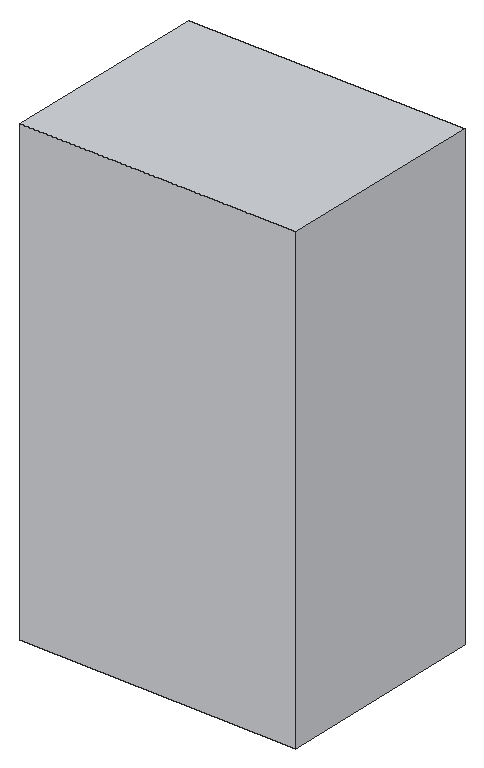
Revit family
Parameters
  Warranty Duration (Years) = 0
  Unit Width [instance] = 0' - 8"
  Unit Height [instance] = 0' - 9 99/256"
  Unit Depth = 0' - 0"
  URL = "http://www.americanspecialties.com/viewCategories.cfm"
  Trim Material = Leather 2
  Test Data = ""
  Specification = "http://www.arcat.com/sdspecs/htm/10810asi.htm"
  SpecWizard = ""
  Send Message = "http://www.arcat.com/users.pl?action=UserEmail&company=American%20Specialties,%20Inc.&coid=30448&rep=139&fax=914-476-0688&mf="
  Sales Information = "http://www.americanspecialties.com/contact"
  Revision = "R1_10-2010"
  Rod [instance] = 1' - 1 3/4"
  Product Properties = "http://www.americanspecialties.com/datasheets/8204.pdf"
  Product Data = "http://www.arcat.com/arcatcos/cos30/arc30448.html"
  Model = "As Specified in 10 28 13"
  Manufacturer Website = "http://www.americanspecialties.com/viewCategories.cfm"
  Manufacturer Phone - Toll Free = ""
  Manufacturer Phone = "914-476-9000 "
  Manufacturer Fax = "914-476-0688"
  Manufacturer Address = "441 Saw Mill River Rd., Yonkers, NY 10701"
  Manufacturer = "American Specialties, Inc."
  Maintenance Schedule (Months) = 0
  Keynote = "10 28 13"
  Installation-Fabrication = "http://www.americanspecialties.com/products.cfm"
  Green Building-LEED = ""
  Expected Lifespan (Years) = 0
  Drawn By = "Robert S. Weygant. CSI, CDT, SCIP"  # constant formula
  Description = "Toilet Accessory as Specified in 10 28 13"
  Default Elevation = 4' - 0"
  Copyright = "©Arcat Inc."
  Construction Details = "http://www.arcat.com/green/clients/leed_data_30448.html"
  Building Codes = "http://www.americanspecialties.com/products.cfm"
  Body Material = Metal - Stainless Steel
  Assembly Code = "C1030210"
Reference planes (in)
  plane 1 "Center (Front/Back)": y = -0.29112
  plane 2 "Floor Line": z = 0
  plane 3 "Center (Left/Right)": x = -0.65843
  plane 4: z = 52.69336
  plane 5: x = -4.65843
  plane 6: x = 3.34157
  plane 7: z = 48
  plane 8: z = 57.38672
Forms (in)
  Extrusion 1, solid
    sketch origin (-3, -9, -6) x (0, 0, -1) y (1, 0, 0)
      loop
        line (-82, 26) -> (-82, -19.34712) -> (-6, -19.34712) -> (-6, 26) -> (-82, 26)
    from 9 to -25.60721
  Sweep 2, solid, material "Metal - Stainless Steel" <- "Body Material"
    path origin (-5.64758, -3.1206, 4.13023) x (1, 0, 0) y (0, -0.5, -0.866025)
      loop
        line (0.98915, 0) -> (0.98915, 2.57066)
        arc (0.98915, 2.57066) -> (1.40779, 3.58136) -> (2.41849, 4) r 1.42934
        line (2.41849, 4) -> (7.79761, 4)
        arc (7.79761, 4) -> (8.64016, 3.651) -> (8.98915, 2.80846) r 1.19154
        line (8.98915, 2.80846) -> (8.98915, 0)
    profile origin (-4.65843, -3.76327, 3.0171) x (-1, 0, 0) y (0, 0.866025, -0.5)
      loop
        circle (0, 0) r 0.5
  Sweep 3, solid, material "Metal - Stainless Steel" <- "Body Material"
    path origin (-0.65843, -5.12677, 4.66778) x (0, 0, -1) y (0, 1, 0)
      loop
        line (0.53755, 2.00616) -> (-3.33278, 4.24069)
        arc (-3.33278, 4.24069) -> (-4.14475, 4.82505) -> (-4.82414, 5.55934) r 5
        line (-4.82414, 5.55934) -> (-9.59645, 11.88449)
    profile origin (-0.65843, -2.00334, 6.06539) x (0, -0.866025, 0.5) y (1, 0, 0)
      loop
        circle (0, 4) r 0.5
  Extrusion 4, solid, material "Metal - Stainless Steel" <- "Body Material"
    sketch origin (-20.53159, -4.95761, 5.50069) x (0, 0, -1) y (0, 1, 0)
      loop
        circle (-8.74931, 11.69648) r 0.5
    from 26.74816 to 12.99816
  Extrusion 5, solid, material "Metal - Stainless Steel" <- "Body Material"
    sketch origin (5.87175, -5.36114, 5.68346) x (1, 0, 0) y (0, 0, -1)
      loop
        line (-14.65518, 3.49596) -> (-14.65518, -9.50404) -> (-13.40518, -9.50404) -> (-13.40518, 3.49596) -> (-14.65518, 3.49596)
    from 11.3463 to 12.6
  Extrusion 6, solid, material "Metal - Stainless Steel" <- "Body Material"
    sketch origin (-7.18862, -5.36114, 5.68346) x (-1, 0, 0) y (0, 0, 1)
      loop
        line (-14.65518, -3.49596) -> (-13.40518, -3.49596) -> (-13.40518, 9.50404) -> (-14.65518, 9.50404) -> (-14.65518, -3.49596)
    from 11.3463 to 12.6
  Extrusion 7, solid, material "Metal - Stainless Steel" <- "Body Material"
    sketch origin (-2.15843, 10.13464, -5.81661) x (0, 1, 0) y (0, 0, 1)
      loop
        line (-8.53943, 7.19161) -> (-15.41443, 7.19161)
        arc (-15.41443, 7.19161) -> (-15.76799, 7.04516) -> (-15.91443, 6.69161) r 0.5
        line (-15.91443, 6.69161) -> (-15.91443, 6.06661) -> (-16.41443, 6.06661) -> (-16.41443, 5.94161) -> (-15.78943, 5.94161) -> (-15.78943, 6.69161)
        arc (-15.78943, 6.69161) -> (-15.6796, 6.95677) -> (-15.41443, 7.06661) r 0.375
        line (-15.41443, 7.06661) -> (-8.53943, 7.06661)
        arc (-8.53943, 7.06661) -> (-8.27427, 6.95677) -> (-8.16443, 6.69161) r 0.375
        line (-8.16443, 6.69161) -> (-8.16443, 5.94161) -> (-7.53943, 5.94161) -> (-7.53943, 6.06661) -> (-8.03943, 6.06661) -> (-8.03943, 6.69161)
        arc (-8.03943, 6.69161) -> (-8.18588, 7.04516) -> (-8.53943, 7.19161) r 0.5
    from 0 to 3
  Extrusion 8, solid, material "Metal - Stainless Steel" <- "Body Material"
    sketch origin (-0.65843, 0, -0.06661) x (0, 1, 0) y (0, 0, 1)
      loop
        line (2.59521, 0.19161) -> (-6.27979, 0.19161) -> (-6.27979, 0.06661) -> (2.59521, 0.06661) -> (2.59521, 0.19161)
    from -1.5 to 1.5
  Extrusion 9, solid, material "Metal - Stainless Steel" <- "Body Material"
    sketch origin (-20.53159, -4.95761, 11.8765) x (0, 0, 1) y (0, -1, 0)
      loop
        circle (-8.74931, -11.69648) r 0.5
    from 26.74816 to 12.99816
  Sweep 10, solid, material "Metal - Stainless Steel" <- "Body Material"
    path origin (-0.65843, -5.12677, 4.66778) x (0, 0, -1) y (0, -1, 0)
      loop
        line (0.53755, -2.00616) -> (-3.33278, -4.24069)
        arc (-3.33278, -4.24069) -> (-4.14475, -4.82505) -> (-4.82414, -5.55934) r 5
        line (-4.82414, -5.55934) -> (-9.59645, -11.88449)
    profile origin (-0.65843, -2.00334, 6.06539) x (0, 0.866025, -0.5) y (-1, 0, 0)
      loop
        circle (0, 4) r 0.5
  Sweep 11, solid, material "Metal - Stainless Steel" <- "Body Material"
    path origin (-0.47093, -0.20055, 0) x (0, 1, 0) y (0, 0, -1)
      loop
        line (6.93958, -3.12719) -> (4.53957, -3.12719)
        arc (4.53957, -3.12719) -> (3.83246, -2.8343) -> (3.53957, -2.12719) r 1
        line (3.53957, -2.12719) -> (3.53957, -0.125)
    profile origin (-0.47093, 5.53903, 3.12719) x (0, 0, 1) y (-1, 0, 0)
      loop
        circle (0, -5.9375) r 0.5
  Extrusion 12, solid, material "Metal - Stainless Steel" <- "Body Material"
    sketch origin (-1.17184, -0.29667, 0) x (-1, 0, 0) y (0, -1, 0)
      loop
        circle (-6.63841, -3.66053) r 1.13038
      loop
        circle (-6.63636, -2.77254) r 0.125
      loop
        circle (-5.87041, -4.1063) r 0.125
      loop
        circle (-7.40641, -4.1063) r 0.125
    from 0 to 0.125
  Extrusion 13, solid, material "Leather 2" <- "Trim Material"
    sketch origin (-41.85113, 7.55136, -9.00308) x (1, 0, 0) y (0, 0, 1)
      loop
        arc (34.19269, 25.00308) -> (32.77848, 24.4173) -> (32.19269, 23.00308) r 2
        line (32.19269, 23.00308) -> (32.19269, 12.37808)
        arc (32.19269, 12.37808) -> (32.77848, 10.96387) -> (34.19269, 10.37808) r 2
        line (34.19269, 10.37808) -> (48.19269, 10.37808)
        arc (48.19269, 10.37808) -> (49.60691, 10.96387) -> (50.19269, 12.37808) r 2
        line (50.19269, 12.37808) -> (50.19269, 23.00308)
        arc (50.19269, 23.00308) -> (49.60691, 24.4173) -> (48.19269, 25.00308) r 2
        line (48.19269, 25.00308) -> (34.19269, 25.00308)
    from 0 to 0.3125
  Extrusion 14, solid, material "Metal - Stainless Steel" <- "Body Material"
    sketch origin (-0.14503, -0.29667, 0) x (1, 0, 0) y (0, 1, 0)
      loop
        circle (-6.63841, 3.66053) r 1.13038
      loop
        circle (-6.63636, 2.77254) r 0.125
      loop
        circle (-5.87041, 4.1063) r 0.125
      loop
        circle (-7.40641, 4.1063) r 0.125
    from 0 to 0.125
  Sweep 15, solid, material "Metal - Stainless Steel" <- "Body Material"
    path origin (-12.72093, -0.20055, 0) x (0, 1, 0) y (0, 0, -1)
      loop
        line (6.93958, -3.12719) -> (4.53957, -3.12719)
        arc (4.53957, -3.12719) -> (3.83246, -2.8343) -> (3.53957, -2.12719) r 1
        line (3.53957, -2.12719) -> (3.53957, -0.125)
    profile origin (-12.72093, 5.53903, 3.12719) x (0, 0, 1) y (-1, 0, 0)
      loop
        circle (0, -5.9375) r 0.5
Cuts and joins
  joined: Sweep 2, Sweep 3, Sweep 10
  joined: Extrusion 9, Sweep 11, Sweep 15
Dimensions and locks (in)
  equal spacing: plane 8, plane 4, plane 7
  equal spacing: plane 6, plane 3 "Center (Left/Right)", plane 5
  "Unit Width": plane 6 to plane 5
  "Unit Height": plane 8 to plane 7
  "Default Elevation": plane 7 to plane 2 "Floor Line"
  Sweep 2 sketch curve to Sweep 2 sketch curve = 0' - 8"
  "Unit Width": Sweep 2 sketch curve to Sweep 2 sketch curve
  Extrusion 4 to plane 3 "Center (Left/Right)" to Extrusion 4 = 0' - 6 7/8", 0' - 6 7/8"
  equal spacing: Extrusion 4, plane 3 "Center (Left/Right)", Extrusion 4
  Extrusion 7 sketch curve to Extrusion 7 sketch curve = 0' - 1 1/8"
  Extrusion 7 sketch curve to Extrusion 7 sketch curve = 0' - 0 1/8"
  Extrusion 9 to Extrusion 9 = 1' - 1 3/4"
  locked: Extrusion 13 sketch curve to Extrusion 13 sketch curve at 14.625
  locked: Extrusion 13 sketch curve to Extrusion 13 sketch curve at 18
  radius of Sweep 2 sketch curve = 0' - 1.42934"
  radius of Sweep 2 sketch curve = 0' - 1.19154"
  aligned and locked: Extrusion 1 to level
  aligned and locked: plane 5 to Sweep 2 sketch curve
  aligned and locked: Sweep 3 to plane 6
  aligned and locked: Extrusion 8 to Extrusion 7
  aligned and locked: Extrusion 7 sketch curve to Extrusion 8
Automatic sketch dimensions
  Extrusion 1 sketch curve to Extrusion 1 sketch curve = 6' - 4"
  Extrusion 1 sketch curve to Extrusion 1 sketch curve = 3' - 9.34712"
  Sweep 2 sketch curve to Sweep 2 sketch curve = 0' - 0"
  Sweep 2 sketch curve to Sweep 2 sketch curve = 0' - 2.57066"
  Sweep 2 sketch curve to profile plane = 0' - 0"  (x2)
  Sweep 3 sketch curve to plane 1 "Center (Front/Back)" = 0' - 7.04884"
  level to Sweep 3 sketch curve = 1' - 2.26423"
  Sweep 3 sketch curve to plane 1 "Center (Front/Back)" = 0' - 0.7237"
  Sweep 3 sketch curve to Sweep 3 sketch curve = 0' - 4.77231"
  plane 1 "Center (Front/Back)" to Sweep 3 sketch curve = 0' - 0.59495"
  Sweep 3 sketch curve to Sweep 3 sketch curve = 0' - 1.49137"
  Sweep 3 sketch curve to plane 1 "Center (Front/Back)" = 0' - 3.73517"
  level to Sweep 3 sketch curve = 0' - 4.13023"
  plane 1 "Center (Front/Back)" to Sweep 3 sketch curve = 0' - 2.82949"
  Sweep 3 sketch curve to profile plane = 0' - 0"
  profile plane to Sweep 3 sketch curve = 0' - 4"
  Extrusion 4 sketch curve to plane 1 "Center (Front/Back)" = 0' - 7.02998"
  level to Extrusion 4 sketch curve = 1' - 2 1/4"
  Extrusion 5 sketch curve to plane 5 = 0' - 4 1/8"
  Extrusion 5 sketch curve to Extrusion 5 sketch curve = 0' - 1 1/4"
  level to Extrusion 5 sketch curve = 1' - 3 3/16"
  level to Extrusion 5 sketch curve = 0' - 2 3/16"
  plane 6 to Extrusion 6 sketch curve = 0' - 4 1/8"
  Extrusion 6 sketch curve to Extrusion 6 sketch curve = 0' - 1 1/4"
  level to Extrusion 6 sketch curve = 0' - 2 3/16"
  Extrusion 6 sketch curve to Extrusion 6 sketch curve = 1' - 1"
  Extrusion 7 sketch curve to Extrusion 7 sketch curve = 0' - 0"  (x4)
  level to Extrusion 7 sketch curve = 0' - 0 1/4"
  plane 1 "Center (Front/Back)" to Extrusion 7 sketch curve = 0' - 5.98868"
  Extrusion 7 sketch curve to Extrusion 7 sketch curve = 0' - 0 1/2"  (x2)
  Extrusion 7 sketch curve to Extrusion 7 sketch curve = 0' - 0 1/8"  (x2)
  Extrusion 7 sketch curve to Extrusion 7 sketch curve = 0' - 0 3/8"  (x2)
  Extrusion 7 sketch curve to plane 1 "Center (Front/Back)" = 0' - 1.88632"
  level to Extrusion 7 sketch curve = 0' - 0 1/8"
  Extrusion 8 sketch curve to level = 0' - 0"
  level to Extrusion 8 sketch curve = 0' - 0 1/8"
  plane 1 "Center (Front/Back)" to Extrusion 8 sketch curve = 0' - 5.98868"
  Extrusion 8 sketch curve to plane 1 "Center (Front/Back)" = 0' - 2.88632"
  level to Extrusion 9 sketch curve = 0' - 3.12719"
  Extrusion 9 sketch curve to plane 1 "Center (Front/Back)" = 0' - 7.02998"
  Sweep 10 sketch curve to plane 1 "Center (Front/Back)" = 0' - 7.04884"
  level to Sweep 10 sketch curve = 1' - 2.26423"
  Sweep 10 sketch curve to plane 1 "Center (Front/Back)" = 0' - 0.7237"
  Sweep 10 sketch curve to Sweep 10 sketch curve = 0' - 4.77231"
  plane 1 "Center (Front/Back)" to Sweep 10 sketch curve = 0' - 0.59495"
  Sweep 10 sketch curve to Sweep 10 sketch curve = 0' - 1.49137"
  Sweep 10 sketch curve to plane 1 "Center (Front/Back)" = 0' - 3.73517"
  level to Sweep 10 sketch curve = 0' - 4.13023"
  plane 1 "Center (Front/Back)" to Sweep 10 sketch curve = 0' - 2.82949"
  Sweep 10 sketch curve to profile plane = 0' - 0"
  profile plane to Sweep 10 sketch curve = 0' - 4"
  level to Sweep 11 sketch curve = 0' - 0 1/8"
  Sweep 11 sketch curve to plane 1 "Center (Front/Back)" = 0' - 3.63014"
  Sweep 11 sketch curve to Sweep 11 sketch curve = 0' - 1"
  Sweep 11 sketch curve to Sweep 11 sketch curve = 0' - 2.40001"
  Sweep 11 sketch curve to Sweep 11 sketch curve = 0' - 2.00219"
  Sweep 11 sketch curve to profile plane = 0' - 0"
  Sweep 11 sketch curve to profile plane = 0' - 5 15/16"
  Extrusion 12 sketch curve to plane 6 = 0' - 2.893"
  Extrusion 12 sketch curve to Extrusion 12 sketch curve = 0' - 0.768"  (x2)
  Extrusion 12 sketch curve to Extrusion 12 sketch curve = 0' - 0.00205"
  plane 1 "Center (Front/Back)" to Extrusion 12 sketch curve = 0' - 2.76699"
  Extrusion 12 sketch curve to Extrusion 12 sketch curve = 0' - 0.88799"
  Extrusion 12 sketch curve to Extrusion 12 sketch curve = 0' - 0.44577"  (x2)
  Extrusion 13 sketch curve to plane 5 = 0' - 5"
  level to Extrusion 13 sketch curve = 0' - 1 3/8"
  Extrusion 13 sketch curve to Extrusion 13 sketch curve = 0' - 2"  (x4)
  Extrusion 14 sketch curve to plane 5 = 0' - 2.893"
  Extrusion 14 sketch curve to Extrusion 14 sketch curve = 0' - 0.768"  (x2)
  Extrusion 14 sketch curve to Extrusion 14 sketch curve = 0' - 0.00205"
  Extrusion 14 sketch curve to plane 1 "Center (Front/Back)" = 0' - 2.76699"
  Extrusion 14 sketch curve to Extrusion 14 sketch curve = 0' - 0.88799"
  Extrusion 14 sketch curve to Extrusion 14 sketch curve = 0' - 0.44577"  (x2)
  level to Sweep 15 sketch curve = 0' - 0 1/8"
  Sweep 15 sketch curve to plane 1 "Center (Front/Back)" = 0' - 3.63014"
  Sweep 15 sketch curve to Sweep 15 sketch curve = 0' - 1"
  Sweep 15 sketch curve to Sweep 15 sketch curve = 0' - 2.40001"
  Sweep 15 sketch curve to Sweep 15 sketch curve = 0' - 2.00219"
  Sweep 15 sketch curve to profile plane = 0' - 0"
  Sweep 15 sketch curve to profile plane = 0' - 5 15/16"
  radius of Sweep 2 sketch curve = 0' - 0 1/2"
  radius of Sweep 3 sketch curve = 0' - 0 1/2"
  radius of Extrusion 4 sketch curve = 0' - 0 1/2"
  radius of Extrusion 9 sketch curve = 0' - 0 1/2"
  radius of Sweep 10 sketch curve = 0' - 0 1/2"
  radius of Sweep 11 sketch curve = 0' - 0 1/2"
  radius of Extrusion 12 sketch curve = 0' - 1.13038"
  radius of Extrusion 12 sketch curve = 0' - 0 1/8"  (x3)
  radius of Extrusion 14 sketch curve = 0' - 1.13038"
  radius of Extrusion 14 sketch curve = 0' - 0 1/8"  (x3)
  radius of Sweep 15 sketch curve = 0' - 0 1/2"
